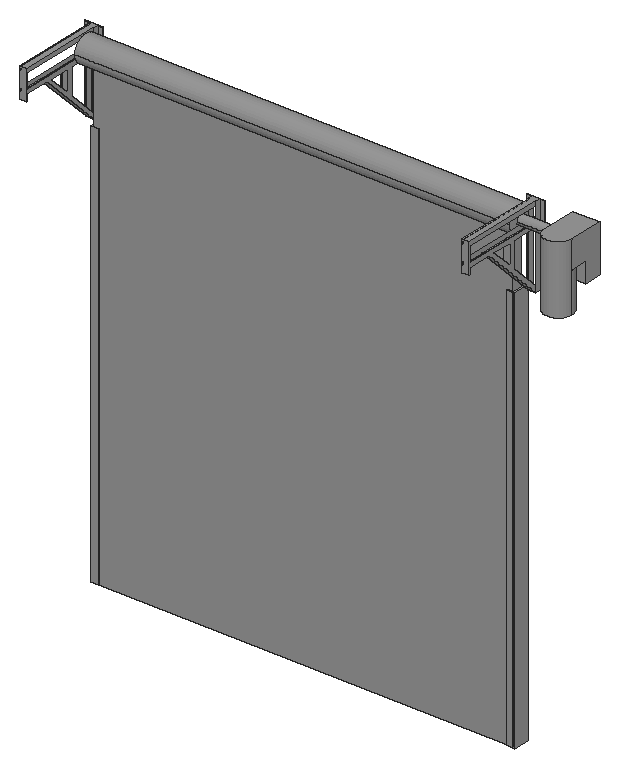
Revit family "rulonnie_protivopozarnie_vorota_firetechnics-r_ei60", category Двери, Revit 2018
Family settings
  Основа = Стена
  Номер OmniClass = 23.30.10.00
  Заголовок OmniClass = Doors
  Всегда вертикально = Да
  При загрузке вырезать с полостями = Нет
  Общий = Нет
  Точка расчета площади = Нет
Parameters (values of type "R EI60 c минеральным заполнителем")
  ширина входа в полотна = 40 mm  # constant formula
  Ширина полотна = 75 mm
  Ширина направляющих = 115 mm  # constant formula
  Ширина верхней направляющей = 374.343 mm
  Функция = Внутренние слои
  Разработано = "support@bimlib.ru"  # constant formula
  Отстаяние от двигателя = 330 mm  # constant formula
  Огнестойкость = "EI60"  # constant formula
  Материал полотна = Полотно с наполнителем из минерального заполнителя Firetechnics
  Материал направляющих = Сталь_оцинкованная_листовая_2мм_Firetechnics
  Изготовитель = "Firetechnics"  # constant formula
  Длина направляющей = 60 mm  # constant formula
  Высота короба = 500 mm
  Height = ADSK_Размер_Высота  # 3000 mm
  Замыкание стены = По основе
  Width = ADSK_Размер_Ширина  # 3000 mm
  Аналитическая конструкция = "<Нет>"
  URL = "https://www.fire-tec.ru/"
  ADSK_Размер_Ширина = 3000 mm
  ADSK_Размер_Высота = 3000 mm
  ADSK_Примечание [instance] = ""
  ADSK_Предел огнестойкости = "EI60"  # constant formula
  ADSK_Позиция [instance] = ""
  ADSK_Обозначение = ""
  ADSK_Наименование = "Рулонные противопожарные ворота FireTechnics-S EI60 с миниральным заполнителем"
  ADSK_Масса_Текст = ""
  ADSK_Завод-изготовитель = Изготовитель  # "Firetechnics"
  ADSK_Единица измерения = ""
  ADSK_URL страницы изделия = "https://www.fire-tec.ru/catalog/protivopozharnye-vorota/sektsionnye-protivopozharnye-vorota/"
  ADSK_URL документации изделия = ""
Reference planes
  plane 1: y = 0
  plane 2 "По центру (Влево/Вправо)": x = 0
  plane 3 "Слева": x = -1500
  plane 4 "Справа": x = 1500
  plane 5: z = 3000
  plane 6 "Наружный": y = 150
  plane 7 "Внутренние": y = -150
  plane 8: x = -1560
  plane 9: x = 1560
  plane 10: y = -265
  plane 11: y = -183.5
  plane 12: y = -258.5
  plane 13: y = -524.343
  plane 14: x = -1540
  plane 15: x = 1540
  plane 16: z = 3500
  plane 17: x = 1890
  plane 18: x = 1600
  plane 19: x = -1596.608
Forms (mm)
  Extrusion 1, void
    sketch origin (0, 0, 0) x (1, 0, 0) y (0, 1, 0)
      loop
        line (-1500, 150) -> (-1500, -150) -> (-1880, -150) -> (-1880, -970) -> (2100, -970) -> (2100, -150) -> (1500, -150) -> (1500, 150) -> (-1500, 150)
    from 0 to 3000
  Extrusion 2, solid, material "Сталь_оцинкованная_листовая_2мм_Firetechnics" <- "Материал направляющих"
    sketch origin (0, 0, 0) x (1, 0, 0) y (0, 1, 0)
      loop
        line (-1500, -183.5) -> (-1500, -150) -> (-1560, -150) -> (-1560, -265) -> (-1500, -265) -> (-1500, -258.5) -> (-1540, -258.5) -> (-1540, -183.5) -> (-1500, -183.5)
      loop
        line (1500, -150) -> (1500, -183.5) -> (1540, -183.5) -> (1540, -258.5) -> (1500, -258.5) -> (1500, -265) -> (1560, -265) -> (1560, -150) -> (1500, -150)
    from 0 to 3000
  Extrusion 3, solid, material "Полотно с наполнителем из минерального заполнителя Firetechnics" <- "Материал полотна"
    sketch origin (0, 0, 0) x (1, 0, 0) y (0, 1, 0)
      loop
        line (-1540, -183.5) -> (-1540, -258.5) -> (1540, -258.5) -> (1540, -183.5) -> (-1540, -183.5)
    from 0 to 3500
  Extrusion 4, solid, material "Полотно с наполнителем из минерального заполнителя Firetechnics" <- "Материал полотна"
    sketch origin (0, 0, 0) x (0, 1, 0) y (0, 0, 1)
      loop
        circle (-265, 3500) r 97
    from -1596.608 to 1600
  Extrusion 5, solid, material "Сталь_оцинкованная_листовая_2мм_Firetechnics" <- "Материал направляющих"
    sketch origin (0, 0, 0) x (0, 1, 0) y (0, 0, 1)
      loop
        circle (-265, 3500) r 35
    from -1560 to 1890
Lines and regions (mm)
  symbolic lines, style "Doors"
    curve 1: line (-1625, -150, 0) -> (-1625, -800, 0)
    curve 2: line (-1625, -475, 0) -> (2235, -475, 0)
    curve 3: line (2235, -150, 0) -> (2235, -910, 0)
Text (mm)
  text "Наружный" at (-2295.016, 1099.543, 0), in view "Опорный уровень"
  text "Наружный" at (0, 1615.38, 3698.081), in view "Слева"
  text "Наружный" at (0, 1036.032, 3874.932), in view "Справа"
Dimensions and locks
  equal spacing: plane 3 "Слева", plane 2 "По центру (Влево/Вправо)", plane 4 "Справа"
  "Width": plane 3 "Слева" to plane 4 "Справа"
  "Height": plane 5 to host wall
  host wall to plane 5 = 3000 mm  (x2)
  locked: plane 6 "Наружный" to host wall at 0
  locked: plane 7 "Внутренние" to host wall
  "Ширина направляющих": plane 10 to plane 7 "Внутренние"
  "Ширина полотна": plane 11 to plane 12
  "Ширина верхней направляющей": plane 13 to plane 7 "Внутренние"
  "Высота короба": plane 16 to plane 5
  "ширина входа в полотна": plane 4 "Справа" to plane 15
  "ширина входа в полотна": plane 14 to plane 3 "Слева"
  "Отстаяние от двигателя": plane 17 to plane 9
  "Длина направляющей": plane 4 "Справа" to plane 9
  "Длина направляющей": plane 8 to plane 3 "Слева"
  locked: plane 18 to plane 9 at 40
  locked: plane 8 to plane 19 at 36.608
  locked: plane 7 "Внутренние" to plane 11 at 33.5
  locked: plane 4 "Справа" to curve 3 at 735
  aligned and locked: plane 1 to host wall
  aligned and locked: Extrusion 1 sketch curve to host wall
  aligned and locked: Extrusion 1 sketch curve to plane 3 "Слева"
  aligned and locked: plane 4 "Справа" to Extrusion 1 sketch curve
  aligned and locked: plane 12 to Extrusion 2 sketch curve  (x2)
  aligned and locked: plane 14 to Extrusion 2 sketch curve
  aligned and locked: Extrusion 2 sketch curve to plane 11
  aligned and locked: Extrusion 2 sketch curve to plane 3 "Слева"  (x2)
  aligned and locked: Extrusion 2 sketch curve to plane 10  (x2)
  aligned and locked: Extrusion 2 sketch curve to plane 8
  aligned and locked: Extrusion 2 sketch curve to host wall
  aligned and locked: host wall to Extrusion 2 sketch curve
  aligned and locked: Extrusion 2 sketch curve to plane 9
  aligned and locked: Extrusion 2 sketch curve to plane 4 "Справа"
  aligned and locked: Extrusion 2 sketch curve to plane 15
  aligned and locked: plane 11 to Extrusion 2 sketch curve
  aligned and locked: plane 4 "Справа" to Extrusion 2 sketch curve
  aligned and locked: Extrusion 2 to plane 5
  aligned and locked: Extrusion 1 to plane 5
  aligned and locked: Extrusion 3 sketch curve to plane 11
  aligned and locked: plane 14 to Extrusion 3 sketch curve
  aligned and locked: Extrusion 3 sketch curve to plane 12
  aligned and locked: Extrusion 3 sketch curve to Extrusion 2
  aligned and locked: plane 8 to nested 2
  aligned and locked: plane 9 to nested 1
  aligned and locked: nested 1 to plane 16
  aligned and locked: nested 2 to plane 16
  aligned and locked: Extrusion 5 to plane 8
  aligned and locked: plane 17 to Extrusion 5
  aligned and locked: plane 18 to Extrusion 4
  aligned and locked: Extrusion 4 to plane 19
  aligned and locked: plane 7 "Внутренние" to nested 3
  aligned and locked: plane 16 to nested 3
  aligned and locked: nested 3 to plane 17
  aligned and locked: Extrusion 3 to plane 16
  aligned and locked: Extrusion 3 to level
Automatic sketch dimensions
  plane 3 "Слева" to Extrusion 1 sketch curve = 380 mm
  Extrusion 1 sketch curve to plane 4 "Справа" = 600 mm
  host wall to Extrusion 1 sketch curve = 820 mm
  host wall to Extrusion 1 sketch curve = 0 mm  (x2)
  Extrusion 4 sketch curve to plane 10 = 0 mm
  Extrusion 4 sketch curve to plane 16 = 0 mm
  Extrusion 5 sketch curve to plane 10 = 0 mm
  Extrusion 5 sketch curve to plane 16 = 0 mm
  host wall to curve 3 = 0 mm
  curve 1 to plane 19 = 28.392 mm
  curve 1 to plane 13 = 275.657 mm
  curve 3 to plane 13 = 385.657 mm
  host wall to curve 1 = 0 mm
  curve 2 to plane 19 = 28.392 mm
  plane 13 to curve 2 = 49.343 mm
  curve 2 to curve 3 = 0 mm
  radius of Extrusion 4 sketch curve = 97 mm
  radius of Extrusion 5 sketch curve = 35 mm
Nested families
  nested 1: "Кронштейн" at (1625, -150, 3500) x (1, 0, 0) z (0, -1, 0), type "Кронштейн", detail levels fine
  nested 2: "Кронштейн" at (-1625, -150, 3500) x (1, 0, 0) z (0, -1, 0), type "Кронштейн", detail levels fine
  nested 3: "Двигатель" at (1990, -330, 3500), type "Двигатель", detail levels fine
Definition of nested family "Кронштейн"
  Parameters (values of type "Кронштейн")
    Default Elevation = 1219.2 mm
    l = 650 mm
    h = 40 mm
    a = 50 mm
  Reference planes
    plane 1 "По центру (Вперед/Назад)": y = 0
    plane 2: z = 0
    plane 3 "По центру (Влево/Вправо)": x = 0
    plane 4: x = -25
    plane 5: x = 25
    plane 6: z = 40
    plane 7: y = 100
    plane 8: y = -500
    plane 9: y = -70
    plane 10: y = 70
    plane 11: y = -40
    plane 12: z = 650
    plane 13: through (0, -500, 40) normal (0, 0.7071, -0.7071)
    plane 14: z = 270
    plane 15: x = -65
    plane 16: x = 65
  Forms (mm)
    Extrusion 1, solid
      sketch origin (0, 0, 0) x (1, 0, 0) y (0, 1, 0)
        loop
          line (-1219.2, 1219.2) -> (-1219.2, -1219.2) -> (1219.2, -1219.2) -> (1219.2, 1219.2) -> (-1219.2, 1219.2)
      from 0 to -304.8
    Extrusion 2, solid
      sketch origin (0, 0, 0) x (1, 0, 0) y (0, 0, 1)
        loop
          line (65, 0) -> (65, 3) -> (28, 3) -> (28, 40) -> (25, 40) -> (25, 0) -> (65, 0)
        loop
          line (-25, 0) -> (-25, 40) -> (-28, 40) -> (-28, 3) -> (-65, 3) -> (-65, 0) -> (-25, 0)
      from -100 to 500
    Extrusion 3, solid
      sketch origin (0, 0, 0) x (1, 0, 0) y (0, 1, 0)
        loop
          line (-25, 100) -> (-25, 70) -> (-22, 70) -> (-22, 97) -> (22, 97) -> (22, 70) -> (25, 70) -> (25, 100) -> (-25, 100)
        loop
          line (-25, -70) -> (25, -70) -> (25, -40) -> (22, -40) -> (22, -67) -> (-22, -67) -> (-22, -40) -> (-25, -40) -> (-25, -70)
      from 0 to 650
    Extrusion 4, solid
      sketch origin (0, 0, 0) x (1, 0, 0) y (0, 0, 1)
        loop
          line (-25, 650) -> (-25, 645) -> (25, 645) -> (25, 650) -> (-25, 650)
      from -100 to 120
    Sweep 5, solid
      path origin (0, 0, 0) x (0, 1, 0) y (0, 0, 1)
        loop
          line (-500, 40) -> (-70, 470)
      profile origin (0, -285, 255) x (0, -0.707107, 0.707107) y (1, 0, 0)
        loop
          line (0, 25) -> (-30, 25) -> (-30, 22) -> (-3, 22) -> (-3, -22) -> (-30, -22) -> (-30, -25) -> (0, -25) -> (0, 25)
    Sweep 6, solid
      path origin (0, 0, 0) x (0, 1, 0) y (0, 0, 1)
        loop
          line (-70, 270) -> (-270, 270)
      profile origin (0, -170, 270) x (0, 0, -1) y (1, 0, 0)
        loop
          line (0, 25) -> (0, -25) -> (30, -25) -> (30, -22) -> (3, -22) -> (3, 22) -> (30, 22) -> (30, 25) -> (0, 25)
  Cuts and joins
    joined: Extrusion 2, Extrusion 3, Extrusion 4, Sweep 5, Sweep 6
  Dimensions and locks
    equal spacing: plane 5, plane 3 "По центру (Влево/Вправо)", plane 4
    "a": plane 5 to plane 4
    locked: Extrusion 2 sketch curve to plane 5 at 3
    locked: Extrusion 2 sketch curve to Extrusion 1 at 3  (x2)
    locked: plane 4 to Extrusion 2 sketch curve at 3
    "h": plane 6 to Extrusion 1
    locked: plane 1 "По центру (Вперед/Назад)" to plane 7 at 100
    locked: plane 8 to plane 1 "По центру (Вперед/Назад)" at 500
    locked: plane 11 to plane 9 at 30
    locked: plane 7 to plane 10 at 30
    "l": plane 12 to Extrusion 1
    locked: plane 12 to Extrusion 4 sketch curve at 5
    locked: plane 9 to Extrusion 4 at 50
    locked: plane 14 to Extrusion 1 at 270
    plane 15 to plane 3 "По центру (Влево/Вправо)" to plane 16 = 65 mm locked, 65 mm locked
    aligned and locked: plane 2 to Extrusion 1
    aligned and locked: level to Extrusion 1
    aligned and locked: Extrusion 1 to Extrusion 2 sketch curve  (x2)
    aligned and locked: plane 4 to Extrusion 2 sketch curve
    aligned and locked: plane 5 to Extrusion 2 sketch curve
    aligned and locked: Extrusion 2 sketch curve to plane 6
    aligned and locked: plane 6 to Extrusion 2 sketch curve
    aligned and locked: Extrusion 2 to plane 8
    aligned and locked: plane 7 to Extrusion 2
    aligned and locked: Extrusion 3 sketch curve to plane 7
    aligned and locked: Extrusion 3 sketch curve to plane 9
    aligned and locked: Extrusion 3 sketch curve to plane 4  (x2)
    aligned and locked: Extrusion 3 sketch curve to plane 5  (x2)
    aligned and locked: Extrusion 3 to plane 10  (x2)
    aligned and locked: plane 11 to Extrusion 3  (x2)
    aligned and locked: plane 12 to Extrusion 3
    aligned and locked: Extrusion 4 sketch curve to plane 12
    aligned and locked: Extrusion 4 sketch curve to plane 4
    aligned and locked: Extrusion 4 sketch curve to plane 5
    aligned and locked: plane 7 to Extrusion 4
    aligned and locked: plane 13 to Sweep 5 sketch curve
    aligned and locked: profile plane to Sweep 5 sketch curve
    aligned and locked: plane 14 to Sweep 6 sketch curve
    aligned and locked: profile plane to Sweep 6 sketch curve
    aligned and locked: Sweep 6 sketch curve to plane 4
    aligned and locked: Sweep 6 sketch curve to plane 5
  Automatic sketch dimensions
    Extrusion 1 sketch curve to Extrusion 1 sketch curve = 2438.4 mm  (x2)
    Extrusion 2 sketch curve to plane 4 = 40 mm
    plane 5 to Extrusion 2 sketch curve = 40 mm
    Extrusion 3 sketch curve to Extrusion 3 sketch curve = 3 mm  (x2)
    Extrusion 3 sketch curve to plane 5 = 3 mm  (x2)
    plane 9 to Extrusion 3 sketch curve = 3 mm
    Extrusion 3 sketch curve to Extrusion 3 sketch curve = 27 mm  (x2)
    Extrusion 3 sketch curve to plane 7 = 30 mm  (x2)
    Extrusion 3 sketch curve to plane 7 = 3 mm
    Sweep 5 sketch curve to plane 6 = 0 mm
    Sweep 5 sketch curve to plane 9 = 0 mm
    profile plane to Sweep 5 sketch curve = 3 mm
    Sweep 5 sketch curve to Sweep 5 sketch curve = 27 mm  (x2)
    Sweep 5 sketch curve to plane 3 "По центру (Влево/Вправо)" = 22 mm
    plane 3 "По центру (Влево/Вправо)" to Sweep 5 sketch curve = 22 mm
    Sweep 5 sketch curve to Sweep 5 sketch curve = 3 mm  (x2)
    plane 13 to Sweep 6 sketch curve = 0 mm
    Sweep 6 sketch curve to plane 9 = 0 mm
    Sweep 6 sketch curve to profile plane = 3 mm
    Sweep 6 sketch curve to Sweep 6 sketch curve = 27 mm  (x2)
    Sweep 6 sketch curve to Sweep 6 sketch curve = 3 mm  (x2)
Definition of nested family "Двигатель"
  Reference planes
    plane 1 "По центру (Вперед/Назад)": y = 0
    plane 2: z = 0
    plane 3 "По центру (Влево/Вправо)": x = 0
  Forms (mm)
    Extrusion 1, solid
      sketch origin (0, -75, 0) x (1, 0, 0) y (0, 1, 0)
        loop
          line (-100, 255) -> (-100, 0) -> (100, 0) -> (100, 255) -> (-100, 255)
      from -100 to 100
    Extrusion 2, solid
      sketch origin (0, -75, 0) x (1, 0, 0) y (0, 1, 0)
        loop
          circle (0, 0) r 100
      from -400 to 100
    Extrusion 3, solid
      sketch origin (0, -75, 0) x (1, 0, 0) y (0, 1, 0)
        loop
          line (100, 255) -> (-100, 255) -> (-100, 125) -> (100, 125) -> (100, 255)
      from -250 to 0
  Cuts and joins
    joined: Extrusion 1, Extrusion 2, Extrusion 3
  Dimensions and locks
    Extrusion 1 sketch curve to plane 3 "По центру (Влево/Вправо)" to Extrusion 1 sketch curve = 100 mm, 100 mm
    plane 1 "По центру (Вперед/Назад)" to Extrusion 1 sketch curve = 180 mm
    radius of Extrusion 2 sketch curve = 100 mm
    aligned and locked: level to plane 2
    aligned and locked: Extrusion 3 sketch curve to cut or joined group of Extrusion 1, Extrusion 2, Extrusion 3  (x2)
    aligned and locked: cut or joined group of Extrusion 1, Extrusion 2, Extrusion 3 to Extrusion 3 sketch curve
    aligned and locked: level to Extrusion 3
